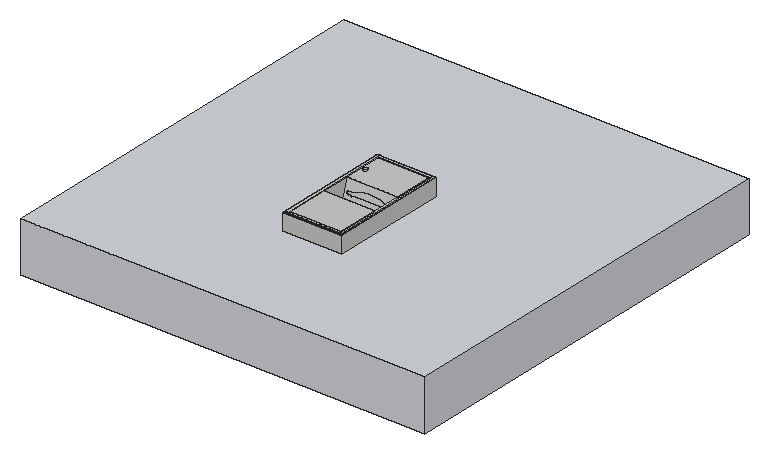
Revit family
Parameters (values of type "B-3699")
  Warranty Duration (Years) = 0
  Unit Width = 1' - 2"
  Unit Height = 2' - 4"
  Unit Depth = 0' - 4 1/8"
  URL = "http://www.bobrick.com/Pages/default.aspx"
  Test Data = ""
  Specification = ""
  SpecWizard = ""
  Send Message = "http://www.arcat.com/users.pl?action=UserEmail&company=Bobrick+Washroom+Equipment,+Inc.&coid=30988&rep=156&fax=818-503-1930&mf="
  Sales Information = "http://www.bobrick.com/Pages/ContactUs.aspx"
  Revision = "R1_10_2012"
  Recess Into Host = 0' - 0"
  Product Properties = ""
  Product Data = "http://arcat.com/arcatcos/cos30/arc30988.html?isac=1&r=1"
  Mounting Height [instance] = 4' - 3 1/2"
  Model = "B-3699"
  Manufacturer Website = "http://www.bobrick.com/Pages/default.aspx"
  Manufacturer Phone - Toll Free = ""
  Manufacturer Phone = "818-764-1000"
  Manufacturer Fax = "818-503-1930"
  Manufacturer Address = "11611 Hart St. North Hollywood, CA 91605-5882"
  Manufacturer = "Bobrick Washroom Equipment, Inc."
  Maintenance Schedule (Months) = 0
  Keynote = "102813"
  Installation-Fabrication = "http://www.bobrick.com/washroomaccessories/Pages/WashroomAccessories.aspx"
  Installation Phase = ""
  Green Building-LEED = ""
  Finish Material = Stainless Steel - Bobrick - Satin
  Expected Lifespan (Years) = 0
  Drawn By = "Sumex Design, Inc. / Robert S. Weygant, CSI, CDT, SCIP"
  Description = "Bobrick B-3699 Classic Series Surface Mounted Combination Towel and Waste Unit"
  Default Elevation = 4' - 0"
  Copyright = "©Arcat Inc."
  Construction Details = ""
  Capacity = "350 C-fold Towels  ;  475 Multifold Towels  ;  2 gal Waste"
  Building Codes = ""
  Assembly Code = "E1090900"
Reference planes (in)
  plane 1 "Center (Front/Back)": y = -7.375
  plane 2: z = 0
  plane 3 "Center (Left/Right)": x = 0
  plane 4: y = 6.625
  plane 5: y = -21.375
  plane 6: x = -7
  plane 7: x = 7
  plane 8: z = 4.125
  plane 9 "FF": y = -44.875
  plane 10 "ADA MOUNT LINE": y = -4.25
Forms (in)
  Extrusion 1, solid
    sketch origin (0, 0, 0) x (1, 0, 0) y (0, 1, 0)
      loop
        line (-48, 48) -> (-48, -48) -> (48, -48) -> (48, 48) -> (-48, 48)
    from 0 to -12
  Sweep 2, solid, material "Stainless Steel - Bobrick - Satin" <- "Finish Material"
    path origin (0, -0.1875, 3.9375) x (1, 0, 0) y (0, 1, 0)
      loop
        line (-6.125, 5.9375) -> (-6.125, -20.3125) -> (6.125, -20.3125) -> (6.125, 5.9375) -> (-6.125, 5.9375)
    profile origin (0, 5.75, 3.9375) x (0, 1, 0) y (0, 0, 1)
      loop
        line (0.875, 0) -> (0.70611, 0.15259)
        arc (0.70611, 0.15259) -> (0.66013, 0.17996) -> (0.60716, 0.1875) r 0.13616
        line (0.60716, 0.1875) -> (0, 0.1875) -> (0, 0) -> (0.875, 0)
  Extrusion 3, solid, material "Stainless Steel - Bobrick - Satin" <- "Finish Material"
    sketch origin (0, -0.1875, 3.9375) x (1, 0, 0) y (0, 1, 0)
      loop
        line (-6.09375, 5.90625) -> (-6.09375, -3.34375) -> (6.09375, -3.34375) -> (6.09375, 5.90625) -> (-6.09375, 5.90625)
      loop
        line (-6.09375, -10.28125) -> (-6.09375, -20.28125) -> (6.09375, -20.28125) -> (6.09375, -10.28125) -> (-6.09375, -10.28125)
    from 0 to 0.1875
  Extrusion 4, solid, material "Stainless Steel - Bobrick - Satin" <- "Finish Material"
    sketch origin (0, -0.28147, 3.9375) x (0, 1, 0) y (0, 0, 1)
      loop
        line (-3.25, -0.53657) -> (-3.25, 0.1875) -> (-4.5625, -3.8125) -> (-4.32492, -3.8125) -> (-3.25, -0.53657)
    from -6 to 6
  Extrusion 5, void
    sketch origin (0, -3.61916, 3.85777) x (0, 0.311771, 0.950157) y (1, 0, 0)
      loop
        line (-2.97211, 3.6875) -> (-2.97211, -3.6875)
        spline (-2.97211, -3.6875) -> (-2.95614, -4.12239) -> (-2.90931, -4.52765) -> (-2.83482, -4.87565) -> (-2.73774, -5.14268) -> (-2.62469, -5.31055) -> (-2.50336, -5.3678) -> (-2.38204, -5.31055) -> (-2.26899, -5.14268) -> (-2.17191, -4.87565) -> (-2.09741, -4.52765) -> (-2.05059, -4.12239) -> (-2.03461, -3.6875)
        arc (-2.03461, -3.6875) -> (-1.17259, 0) -> (-2.03461, 3.6875) r 8.31804
        spline (-2.03461, 3.6875) -> (-2.05059, 4.12069) -> (-2.09741, 4.52436) -> (-2.17191, 4.871) -> (-2.26899, 5.13698) -> (-2.38204, 5.30419) -> (-2.50336, 5.36122) -> (-2.62469, 5.30419) -> (-2.73774, 5.13698) -> (-2.83482, 4.871) -> (-2.90931, 4.52436) -> (-2.95614, 4.12069) -> (-2.97211, 3.6875)
    from -0.06384 to 0.05498
  Extrusion 6, solid, material "Stainless Steel - Bobrick - Satin" <- "Finish Material"
    sketch origin (0, -0.1875, 3.9375) x (1, 0, 0) y (0, 1, 0)
      loop
        circle (-5.0854, 0.85612) r 0.5
    from 0.1875 to 0.3125
  Extrusion 7, solid, material "Stainless Steel - Bobrick - Satin" <- "Finish Material"
    sketch origin (0, 0, 0) x (1, 0, 0) y (0, 1, 0)
      loop
        line (-7, 6.625) -> (-7, -21.375) -> (7, -21.375) -> (7, 6.625) -> (-7, 6.625)
      loop
        line (-6.125, 5.75) -> (-6.125, -20.5) -> (6.125, -20.5) -> (6.125, 5.75) -> (-6.125, 5.75)
    from 0 to 3.9375
  Extrusion 8, solid, material "Stainless Steel - Bobrick - Satin" <- "Finish Material"
    sketch origin (0, 0, 0) x (1, 0, 0) y (0, 1, 0)
      loop
        line (-7, 6.625) -> (-7, -21.375) -> (7, -21.375) -> (7, 6.625) -> (-7, 6.625)
    from 0 to 0.125
Cuts and joins
  Extrusion 5 cuts Extrusion 4
  joined: Extrusion 7, Extrusion 8
Lines and regions (in)
  symbolic lines, style "SpecialityEquipmentHiddenLines"
    curve 1: line (-6.09375, 5.71875, 0) -> (6.09375, 1.09375, 0)
    curve 2: line (6.09375, 1.09375, 0) -> (-6.09375, -3.53125, 0)
Dimensions and locks (in)
  equal spacing: plane 4, plane 1 "Center (Front/Back)", plane 5
  "Unit Height": plane 4 to plane 5
  equal spacing: plane 6, plane 3 "Center (Left/Right)", plane 7
  "Unit Width": plane 6 to plane 7
  "Unit Depth": plane 8 to Extrusion 1
  "Mounting Height": plane 4 to plane 9 "FF"
  locked: plane 10 "ADA MOUNT LINE" to plane 4 at 10.875
  aligned and locked: plane 2 to Extrusion 1
  aligned and locked: level to Extrusion 1
  aligned and locked: Extrusion 8 sketch curve to plane 4
  aligned and locked: Extrusion 8 sketch curve to plane 7
  aligned and locked: Extrusion 8 sketch curve to plane 6
  aligned and locked: plane 5 to Extrusion 8 sketch curve
  aligned and locked: Extrusion 7 sketch curve to plane 4
  aligned and locked: Extrusion 7 sketch curve to plane 6
  aligned and locked: Extrusion 7 sketch curve to plane 7
  aligned and locked: plane 5 to Extrusion 7 sketch curve
Automatic sketch dimensions
  Extrusion 1 sketch curve to Extrusion 1 sketch curve = 8' - 0"  (x2)
  Sweep 2 sketch curve to plane 7 = 1' - 1 1/8"
  Sweep 2 sketch curve to Sweep 2 sketch curve = 1' - 0 1/4"
  plane 5 to Sweep 2 sketch curve = 0' - 0 7/8"
  Sweep 2 sketch curve to plane 1 "Center (Front/Back)" = 1' - 1 1/8"
  Sweep 2 sketch curve to profile plane = 0' - 0"  (x2)
  profile plane to Sweep 2 sketch curve = 0' - 0 3/16"
  Sweep 2 sketch curve to profile plane = 0' - 0.60716"
  profile plane to Sweep 2 sketch curve = 0' - 0.05156"
  Sweep 2 sketch curve to Sweep 2 sketch curve = 0' - 0.00767"
  profile plane to Sweep 2 sketch curve = 0' - 0.15259"
  Sweep 2 sketch curve to Sweep 2 sketch curve = 0' - 0.16889"
  Extrusion 3 sketch curve to plane 1 "Center (Front/Back)" = 1' - 1 3/32"
  Extrusion 3 sketch curve to plane 7 = 1' - 1 3/32"  (x2)
  plane 5 to Extrusion 3 sketch curve = 0' - 10 29/32"
  Extrusion 3 sketch curve to Extrusion 3 sketch curve = 1' - 0 3/16"  (x2)
  Extrusion 3 sketch curve to Extrusion 3 sketch curve = 0' - 10"
  plane 5 to Extrusion 3 sketch curve = 1' - 5 27/32"
  plane 5 to Extrusion 4 sketch curve = 1' - 4.53103"
  Extrusion 4 sketch curve to Extrusion 4 sketch curve = 0' - 0.23758"
  level to Extrusion 4 sketch curve = 0' - 3.40093"
  plane 5 to Extrusion 4 sketch curve = 1' - 5.84353"
  Extrusion 4 sketch curve to Extrusion 4 sketch curve = 0' - 3.27593"
  level to Extrusion 4 sketch curve = 0' - 4 1/8"
  Extrusion 5 sketch curve to Extrusion 4 = 0' - 5.56205"
  Extrusion 4 to Extrusion 5 sketch curve = 0' - 0.95646"
  Extrusion 5 sketch curve to Extrusion 5 sketch curve = 0' - 0 15/32"  (x2)
  Extrusion 5 sketch curve to Extrusion 4 = 0' - 2 5/16"
  Extrusion 5 sketch curve to Extrusion 4 = 0' - 6"
  plane 5 to Extrusion 6 sketch curve = 1' - 10.04362"
  Extrusion 6 sketch curve to plane 7 = 1' - 0.0854"
  plane 6 to Extrusion 7 sketch curve = 0' - 0 7/8"
  Extrusion 7 sketch curve to plane 7 = 0' - 0 7/8"
  plane 5 to Extrusion 7 sketch curve = 0' - 0 7/8"
  Extrusion 7 sketch curve to plane 4 = 0' - 0 7/8"
  plane 6 to curve 2 = 0' - 0 29/32"
  plane 6 to curve 1 = 0' - 0 29/32"
  curve 2 to plane 7 = 0' - 0 29/32"
  curve 2 to plane 10 "ADA MOUNT LINE" = 0' - 0 23/32"
  curve 2 to plane 10 "ADA MOUNT LINE" = 0' - 5 11/32"
  curve 1 to plane 4 = 0' - 0 29/32"
  radius of Extrusion 6 sketch curve = 0' - 0 1/2"
